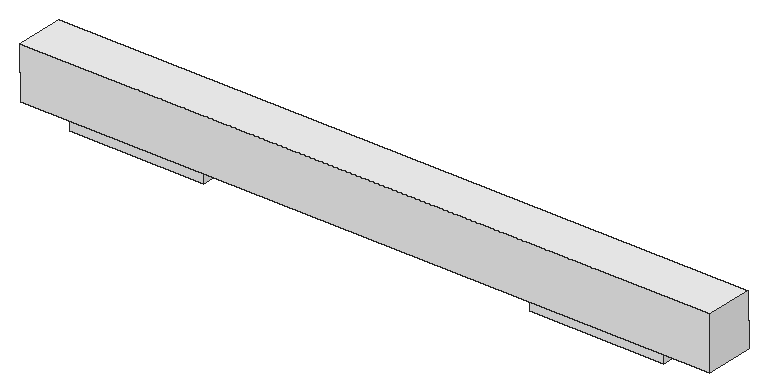
Revit family "22L-W-I", category Lighting Fixtures, host Face, Revit 2021
Family settings
  Host = Face
  Round Connector Dimension = Use Diameter
  Part Type = Normal
  OmniClass Number = 23.80.70.11.14.17
  OmniClass Title = Direct/Indirect
  Cut with Voids When Loaded = No
  Light Source = Yes
  Shared = Yes
  Room Calculation Point = No
Parameters (values of type "22L-W-I-03")
  zz YesNo 2 = yes
  zz YesNo 1 = no
  Wattage = 4 W
  Warranty = "5-Years Warranty"  # constant formula
  built-in parameter 1150110 = 1 (stored number, unit not read)
  Voltage = 120 V
  Type Comments = "Lighting Fixture"  # constant formula
  built-in parameter 1114217 = 1 (stored number, unit not read)
  Tilt Angle = -90.00°
  built-in parameter 1150109 = 1 (stored number, unit not read)
  built-in parameter 1150134 = (empty or 0)
  built-in parameter 1150113 = 1 (stored number, unit not read)
  Product Page URL = ""
  Product Documentation Link = ""
  Power Factor = 1
  Photometric Web File = "generic.ies"
  zz Length 1 = 3' - 0"
  Wattage Comments = ""
  URL = "https://www.currentlighting.com/litecontrol"
  Mounting = "Wall-Mount"  # constant formula
  Model = "MOD 22L LED Wall Indirect"  # constant formula
  Manufacturer = "Litecontrol"  # constant formula
  built-in parameter 1150105 = 39.789 (stored number, unit not read)
  Lumens = 500 lm
  built-in parameter 1150115 = 1 (stored number, unit not read)
  Load Classification = Lighting
  built-in parameter 1150137 = (empty or 0)
  built-in parameter 1150139 = (empty or 0)
  built-in parameter 1150112 = 1 (stored number, unit not read)
  built-in parameter 1150114 = 1 (stored number, unit not read)
  Lamp = "LED"  # constant formula
  built-in parameter 1150132 = (empty or 0)
  built-in parameter 1150102 = (empty or 0)
  built-in parameter 1150107 = 3500 (stored number, unit not read)
  built-in parameter 1150138 = (empty or 0)
  built-in parameter 1150106 = 0.39789 (stored number, unit not read)
  Glass = Glass - White
  Fixture Distribution = "Indirect"  # constant formula
  Emit from Rectangle Width = zz Length 1 - 0' 2"  # 2' - 10"
  Emit from Rectangle Length = 0' - 2"  # constant formula
  Emit Shape Visible in Rendering = no
  built-in parameter 1150104 = 11.613 (stored number, unit not read)
  Dimming Lamp Color Temperature Shift = <None>
  Description = "22L Wall Indirect (22L-W-I) is a small-scale extruded aluminum fixture. Its small housing provides a clean, minimalist look in both small and large areas."  # constant formula
  Default Elevation = 4' - 0"
  Copyright = "Copyright ©  Litecontrol"  # constant formula
  Contact Us = ""
  Color Filter = 16777215
  built-in parameter 1114218 = 1 (stored number, unit not read)
  Housing Material = Paint - Matte White
  built-in parameter 1150133 = 10 (stored number, unit not read)
  Assembly Code = "D5020200"
  Apparent Load = 0 VA
Types (5): name | zz Length 1 | Emit from Rectangle Width
  (no name) | 3' - 0" | 2' - 10"
  22L-W-I-04 | 4' - 0" | 3' - 10"
  22L-W-I-03 | 3' - 0" | 2' - 10"
  22L-W-I-06 | 6' - 0" | 5' - 10"
  22L-W-I-08 | 8' - 0" | 7' - 10"
Reference planes (in)
  plane 1 "Center (Front/Back)": y = 13.01342
  plane 2: z = 0
  plane 3 "Center (Left/Right)": x = 0
Dimensions and locks (in)
  nested 1 to nested 1 to plane 2 = 0' - 2 3/4", 0' - 0 1/2"
  nested 1 to nested 1 = 0' - 2 1/2"
  aligned and locked: plane 2 to host face
  aligned and locked: level to host face
  aligned and locked: plane 3 "Center (Left/Right)" to imposter light
  aligned and locked: plane 3 "Center (Left/Right)" to nested 1
  aligned and locked: imposter light to nested 1  (x2)
Nested families (in)
  nested 1: "22-W" at (-0.01104, 14.51342, 1.83501) x (1, 0, 0) z (0, -1, 0), Glass <- "Glass", Backbox <- "Housing Material", Length <- "zz Length 1", type "22-W"
    with Length 3' - 0", Glass Glass - White, Backbox Paint - Matte White
Connectors (in)
  electrical at (0, 13.26342, 0.5), driven by "Load Classification", driven by "Voltage", driven by "Apparent Load", driven by "Power Factor"
    settings: on nested 1, index 1, voltage 120 V, apparent load 0 VA, apparent load phase1 0 VA, apparent load phase2 0 VA, apparent load phase3 0 VA, power factor 1, load classification "Lighting", number of poles 1, system type 30, power factor state 1, is connector primary yes, connector utility no, sub classification motor no, connector description "Electrical Connector"
Definition of nested family "22-W"
  Parameters
    zz YesNo 2 = yes
    zz YesNo 1 = no
    Wattage Comments = ""
    URL = ""
    Model = ""
    Manufacturer = ""
    Length [instance] = 6' - 0"
    Lamp = ""
    Glass [instance] = none
    Description = ""
    Default Elevation = 4' - 0"
    Backbox [instance] = none
    Apparent Load = 0 VA
  Reference planes (in)
    plane 1 "Center (Front/Back)": y = 0.03999
    plane 2: z = 0
    plane 3 "Center (Left/Right)": x = 0.01104
    plane 4: z = 2.5
    plane 5: z = 1
    plane 6: x = -35.98896
    plane 7: x = 36.01104
    plane 8: x = -34.98896
    plane 9: x = 35.01104
    plane 10: y = 1.28999
    plane 11: y = -1.21001
    plane 12: y = -1.33501
    plane 13: y = 1.41499
    plane 14: z = 0.125
    plane 15: y = -1.83501
    plane 16: z = 2.4
    plane 17: x = -29.98896
    plane 18: x = -33.48896
    plane 19: x = -26.48896
    plane 20: x = 30.01104
    plane 21: x = 33.51104
    plane 22: x = 26.51104
    plane 23: x = -3.48896
    plane 24: x = 3.51104
  Forms (in)
    Extrusion 1, solid
      sketch origin (0, 0, 0.06357) x (1, 0, 0) y (0, 1, 0)
        loop
          line (-48, 48) -> (-48, -48) -> (48, -48) -> (48, 48) -> (-48, 48)
      from -0.06357 to -12.81105
    Extrusion 2, void
      sketch origin (-23.78896, 8.13374, 2) x (0, -1, 0) y (1, 0, 0)
        loop
          line (6.84375, -11.2) -> (9.34375, -11.2) -> (9.34375, 58.8) -> (6.84375, 58.8) -> (6.84375, -11.2)
      from -1 to -2
    Extrusion 3, solid, material <- "Backbox"
      sketch origin (0.01104, 0, 0) x (0, 1, 0) y (0, 0, 1)
        loop
          line (1.41499, 2.5) -> (-1.33501, 2.5) -> (-1.33501, 0) -> (1.41499, 0) -> (1.41499, 2.5)
      from -36 to 36
    Extrusion 4, solid, material <- "Glass"
      sketch origin (0, 0, 4.3125) x (0, -1, 0) y (1, 0, 0)
        loop
          line (-1.28999, -34.98896) -> (1.21001, -34.98896) -> (1.21001, 35.01104) -> (-1.28999, 35.01104) -> (-1.28999, -34.98896)
      from -4.3125 to -4.1875
    Extrusion 5, solid, material <- "Backbox", visible <- "zz YesNo 2"
      sketch origin (0.01104, 0, 0) x (0, 1, 0) y (0, 0, 1)
        loop
          line (-1.33501, 2.4) -> (-1.83501, 2.4) -> (-1.83501, 0.125) -> (-1.33501, 0.125) -> (-1.33501, 2.4)
      from 26.5 to 33.5
    Extrusion 6, solid, material <- "Backbox", visible <- "zz YesNo 2"
      sketch origin (0.01104, 0, 0) x (0, 1, 0) y (0, 0, -1)
        loop
          line (-1.33501, -2.4) -> (-1.33501, -0.125) -> (-1.83501, -0.125) -> (-1.83501, -2.4) -> (-1.33501, -2.4)
      from 26.5 to 33.5
    Extrusion 7, solid, material <- "Backbox", visible <- "zz YesNo 1"
      sketch origin (18.01104, 0, 0) x (0, 1, 0) y (0, 0, -1)
        loop
          line (-1.33501, -2.4) -> (-1.33501, -0.125) -> (-1.83501, -0.125) -> (-1.83501, -2.4) -> (-1.33501, -2.4)
      from 14.5 to 21.5
  Cuts and joins
    Extrusion 2 cuts Extrusion 3
  Dimensions and locks (in)
    "Length": plane 7 to plane 6
    locked: plane 8 to plane 6 at 1
    locked: plane 7 to plane 9 at 1
    equal spacing: plane 7, plane 3 "Center (Left/Right)", plane 6
    plane 10 to plane 11 = 0' - 2 1/2"
    equal spacing: plane 10, plane 1 "Center (Front/Back)", plane 11
    plane 12 to plane 13 = 0' - 2 3/4"
    plane 12 to plane 1 "Center (Front/Back)" = 0' - 1 3/8"
    equal spacing: plane 13, plane 1 "Center (Front/Back)", plane 12
    plane 4 to plane 2 = 0' - 2 1/2"
    plane 14 to plane 2 = 0' - 0 1/8"
    locked: plane 5 to plane 2 at 1
    locked: plane 12 to plane 15 at 0.5
    plane 4 to plane 16 = 0' - 0.1"
    locked: plane 17 to plane 6 at 6
    plane 19 to plane 17 to plane 18 = 0' - 3 1/2" locked, 0' - 3 1/2" locked
    plane 21 to plane 20 to plane 22 = 0' - 3 1/2" locked, 0' - 3 1/2" locked
    plane 24 to plane 3 "Center (Left/Right)" to plane 23 = 0' - 3 1/2" locked, 0' - 3 1/2" locked
    locked: plane 20 to plane 7 at 6
    aligned and locked: plane 2 to Extrusion 1
    aligned and locked: plane 10 to Extrusion 2 sketch curve
    aligned and locked: plane 11 to Extrusion 2 sketch curve
    aligned and locked: plane 4 to Extrusion 3 sketch curve
    aligned and locked: plane 13 to Extrusion 3 sketch curve
    aligned and locked: Extrusion 3 sketch curve to level
    aligned and locked: plane 12 to Extrusion 3 sketch curve
    aligned and locked: Extrusion 3 to plane 6
    aligned and locked: plane 7 to Extrusion 3
    aligned and locked: plane 9 to Extrusion 2
    aligned and locked: Extrusion 2 to plane 8
    aligned and locked: cut or joined group of Extrusion 2, Extrusion 3 to plane 2
    aligned and locked: Extrusion 4 to plane 2
    aligned and locked: plane 14 to Extrusion 4
    aligned and locked: plane 5 to cut or joined group of Extrusion 2, Extrusion 3
    aligned and locked: Extrusion 5 sketch curve to plane 14
    aligned and locked: plane 16 to Extrusion 5
    aligned and locked: plane 15 to Extrusion 5
    aligned and locked: Extrusion 5 to plane 12
    aligned and locked: Extrusion 5 to plane 21
    aligned and locked: Extrusion 5 to plane 22
    aligned and locked: Extrusion 6 to plane 18
    aligned and locked: Extrusion 6 to plane 19
    aligned and locked: Extrusion 7 to plane 23
    aligned and locked: Extrusion 7 to plane 24
  Automatic sketch dimensions
    Extrusion 1 sketch curve to Extrusion 1 sketch curve = 8' - 0"  (x2)
    Extrusion 2 sketch curve to plane 8 = 0' - 0"
    Extrusion 2 sketch curve to plane 9 = 0' - 0"
    Extrusion 4 sketch curve to plane 9 = 0' - 0"
    plane 10 to Extrusion 4 sketch curve = 0' - 0"
    Extrusion 4 sketch curve to plane 8 = 0' - 0"
    Extrusion 4 sketch curve to plane 11 = 0' - 0"
    Extrusion 5 sketch curve to plane 15 = 0' - 0"
    Extrusion 5 sketch curve to plane 12 = 0' - 0"
    Extrusion 5 sketch curve to plane 16 = 0' - 0"
    Extrusion 6 sketch curve to plane 15 = 0' - 0"
    Extrusion 6 sketch curve to plane 12 = 0' - 0"
    Extrusion 6 sketch curve to plane 16 = 0' - 0"
    Extrusion 6 sketch curve to plane 14 = 0' - 0"
    Extrusion 7 sketch curve to plane 15 = 0' - 0"
    Extrusion 7 sketch curve to plane 12 = 0' - 0"
    Extrusion 7 sketch curve to plane 16 = 0' - 0"
    Extrusion 7 sketch curve to plane 14 = 0' - 0"
